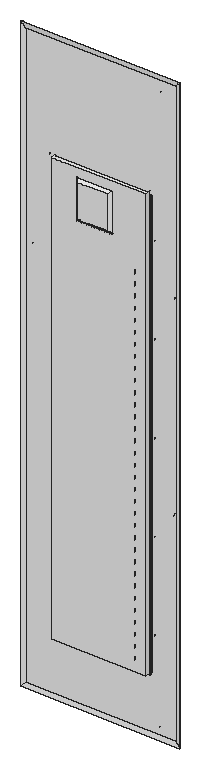
Revit family "Leviton_CATSTD-LDC-66-W-D01", category Electrical Equipment, host Wall, Revit 2026 (continued)
Definition of nested family "Door"
  Dimensions and locks (in)
    aligned and locked: plane 7 to Extrusion 2 sketch curve
    aligned and locked: Extrusion 5 to plane 20
    aligned and locked: plane 19 to Extrusion 5
    aligned and locked: Extrusion 4 to plane 17
    aligned and locked: plane 16 to Extrusion 4
    aligned and locked: plane 22 to Extrusion 6
    aligned and locked: Extrusion 6 to plane 23
    aligned and locked: plane 13 to Extrusion 3
    aligned and locked: Extrusion 3 to plane 14
    aligned and locked: plane 10 to Extrusion 2
    aligned and locked: Extrusion 2 to plane 11
    aligned and locked: Blend 7 sketch curve to plane 28
    aligned and locked: Blend 7 sketch curve to plane 31
    aligned and locked: Blend 7 sketch curve to plane 30
    aligned and locked: Blend 7 sketch curve to plane 29
    aligned and locked: Extrusion 1 to Blend 7
    aligned and locked: Blend 7 to plane 38
    aligned and locked: Extrusion 8 sketch curve to plane 35
    aligned and locked: Extrusion 8 sketch curve to plane 36
    aligned and locked: Extrusion 8 sketch curve to plane 34
    aligned and locked: Extrusion 8 sketch curve to plane 37
    aligned and locked: Blend 7 to Extrusion 8
    aligned and locked: plane 1 "Center (Front/Back)" to Extrusion 8
    aligned and locked: Extrusion 9 to plane 38
    aligned and locked: Extrusion 9 to plane 39
    aligned and locked: Extrusion 10 to Extrusion 9
    aligned and locked: Extrusion 10 to plane 40
    aligned and locked: plane 43 to Extrusion 11 sketch curve
    aligned and locked: plane 42 to Extrusion 11 sketch curve
    aligned and locked: plane 44 to Extrusion 11 sketch curve
    aligned and locked: plane 41 to Extrusion 11 sketch curve
    aligned and locked: plane 1 "Center (Front/Back)" to cut or joined group of Extrusion 1, Extrusion 2, Extrusion 3, Extrusion 4, Extrusion 5, Extrusion 6, Blend 7, Extrusion 8, Extrusion 9, Extrusion 10
    aligned and locked: Extrusion 11 to plane 45
    aligned and locked: plane 46 to Extrusion 11
    aligned and locked: plane 7 to Extrusion 1 sketch curve
    aligned and locked: Extrusion 11 sketch curve to plane 29
    aligned and locked: Extrusion 11 sketch curve to plane 31
    aligned and locked: Extrusion 11 sketch curve to plane 28
    aligned and locked: Extrusion 11 sketch curve to plane 49
    aligned and locked: Extrusion 11 sketch curve to plane 47
    aligned and locked: Extrusion 11 sketch curve to plane 53
    aligned and locked: Extrusion 11 sketch curve to plane 51
    aligned and locked: Extrusion 11 sketch curve to plane 50  (x2)
    aligned and locked: Extrusion 12 sketch curve to plane 47
    aligned and locked: Extrusion 12 sketch curve to plane 49
    aligned and locked: Extrusion 12 sketch curve to plane 50
    aligned and locked: Extrusion 12 sketch curve to plane 52
    aligned and locked: Extrusion 12 sketch curve to plane 53
    aligned and locked: Extrusion 12 sketch curve to plane 51
    aligned and locked: Extrusion 12 sketch curve to plane 48
    aligned and locked: Extrusion 12 to plane 54
    aligned and locked: Extrusion 12 to plane 55
  Automatic sketch dimensions
    Extrusion 2 sketch curve to Extrusion 2 sketch curve = 0.000"  (x2)
    Extrusion 3 sketch curve to Extrusion 3 sketch curve = 0.000"  (x2)
    Extrusion 3 sketch curve to plane 7 = 0.000"
    plane 9 to Extrusion 3 sketch curve = 0.000"
    Extrusion 4 sketch curve to Extrusion 4 sketch curve = 0.000"  (x2)
    Extrusion 4 sketch curve to plane 7 = 0.000"
    plane 9 to Extrusion 4 sketch curve = 0.000"
    Extrusion 5 sketch curve to Extrusion 5 sketch curve = 0.000"  (x2)
    Extrusion 5 sketch curve to plane 7 = 0.000"
    plane 9 to Extrusion 5 sketch curve = 0.000"
    Extrusion 6 sketch curve to Extrusion 6 sketch curve = 0.000"  (x2)
    Extrusion 6 sketch curve to plane 7 = 0.000"
    plane 9 to Extrusion 6 sketch curve = 0.000"
    Extrusion 1 sketch curve to Extrusion 1 sketch curve = 0.152"
    plane 29 to Blend 7 sketch curve = 0.167"
    Blend 7 sketch curve to plane 28 = 0.167"
    Blend 7 sketch curve to plane 30 = 0.167"
    plane 31 to Blend 7 sketch curve = 0.167"
    Extrusion 9 sketch curve to plane 33 = 0.24749"
    Extrusion 9 sketch curve to Extrusion 9 sketch curve = 0.120"  (x3)
    Extrusion 9 sketch curve to plane 32 = 0.21947"  (x2)
    plane 23 to Extrusion 9 sketch curve = 0.14124"
    plane 21 to Extrusion 9 sketch curve = 0.22598"
    Extrusion 10 sketch curve to Extrusion 10 sketch curve = 0.000"  (x9)
    plane 21 to Extrusion 10 sketch curve = 0.02661"
    plane 32 to Extrusion 10 sketch curve = 0.20724"
    Extrusion 10 sketch curve to Extrusion 10 sketch curve = 0.04686"
    plane 32 to Extrusion 10 sketch curve = 0.0239"  (x2)
    plane 32 to Extrusion 10 sketch curve = 0.0019"
    Extrusion 10 sketch curve to plane 32 = 0.0201"  (x2)
    plane 21 to Extrusion 10 sketch curve = 0.00461"
    Extrusion 10 sketch curve to Extrusion 10 sketch curve = 0.071"
    Extrusion 10 sketch curve to Extrusion 10 sketch curve = 0.03167"
    Extrusion 10 sketch curve to Extrusion 10 sketch curve = 0.04296"
    Extrusion 10 sketch curve to plane 21 = 0.01738"
    plane 44 to Extrusion 11 sketch curve = 0.000"
    plane 50 to Extrusion 12 sketch curve = 0.000"
    radius of Extrusion 2 sketch curve = 0.094"
    radius of Extrusion 2 sketch curve = 0.122"
    radius of Extrusion 3 sketch curve = 0.094"
    radius of Extrusion 3 sketch curve = 0.122"
    radius of Extrusion 4 sketch curve = 0.094"
    radius of Extrusion 4 sketch curve = 0.122"
    radius of Extrusion 5 sketch curve = 0.094"
    radius of Extrusion 5 sketch curve = 0.122"
    radius of Extrusion 6 sketch curve = 0.094"
    radius of Extrusion 6 sketch curve = 0.122"
    radius of Extrusion 10 sketch curve = 0.29549"
    radius of Extrusion 10 sketch curve = 0.23599"
